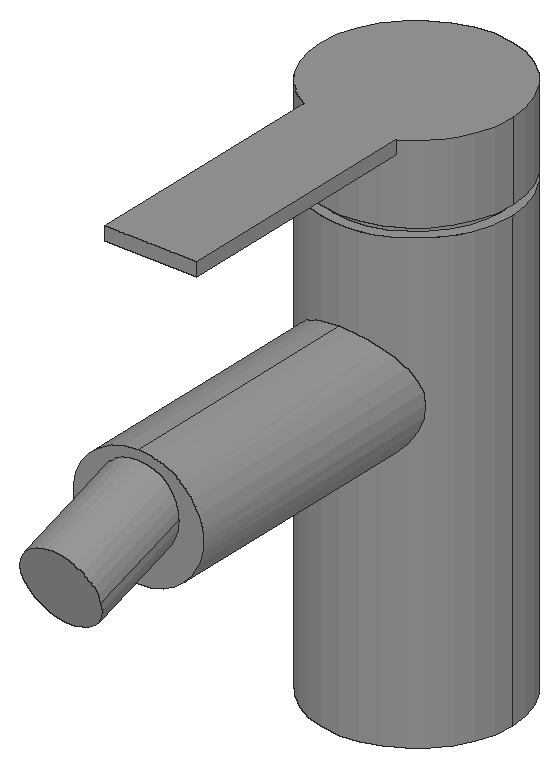
Revit family "KEUCO_53909010000", category Sanitärinstallationen, Revit 2016
Family settings
  Teiletyp = Normal
  Bemaßung runder Anschluss = Durchmesser verwenden
  OmniClass-Nummer = 23.45.00.00
  Arbeitsebenenbasiert = Ja
  Immer vertikal = Ja
  Beim Laden mit Abzugskörper schneiden = Nein
  Gemeinsam genutzt = Nein
  Raumberechnungspunkt = Nein
Parameters (values of type "53909010000")
  Verwendung = "GWC / WP"
  Preisgruppe = "1"
  Kategorie = "ARM"
  Gewicht = 858
  Breite = 111 mm
  Default Elevation = 1219.2 mm
  URL = "https://www.keuco.com/de/produkte/sortiment/artikel/?pid=53909&oid=1&pgo=2&country=de&lang=de&vid=53909010000"
  Wasserhahn Höhe [instance] = 136 mm
  Serie = ""
  Materialien bei Hersteller anfragen = "Anfrage zu:  objektmanagement@keuco.de"
  Material Wasserhahn = 23589001 Chrome
  Hersteller = "KEUCO"
  Beschreibung = "mit Zugstangen-Ablaufgarnitur 1 1/4 Zoll\r\nEinlochmontage mit Schnell-Montage-System\r\nMischwasserkartusche mit keramischen Dichtscheiben\r\nund Temperaturbegrenzung,\r\nLuftsprudler M 24x1, mit Kugelgelenk\r\nDruckschläuche 420 mm G 3/8 Zoll\r\nDurchflussmenge begrenzt auf 7,6 l/min.\r\ngeräuschgeprüft"
  Ausschreibungstext = "KEUCO PLAN blue Einhebel-Bidetmischer 53909010000\r\nhochglanzverchromter Einhebel Bidetmischer \r\nin ästhetischem, funktionalem Design, \r\nfür Standmontage, \r\ninklusive Zugstangen-Ablaufgarnitur,\r\nhochwertige Mischwasserkartusche mit \r\nkeramischen Dichtscheiben und Temperaturbegrenzung,\r\nDurchflussmenge begrenzt auf 6 l/min.,\r\nBetätigungselement aus Metall,\r\nEinlochmontage mit Schnell-Montage-System,\r\nLuftsprudler M24x1, mit Kugelgelenk bis 25° neigbar,\r\nHöhe 136 mm, Auslaufhöhe 19 mm, Ausladung 138 mm,\r\nGrundkörperdurchmesser 48 mm, Auslaufdurchmesser 28 mm\r\nWasseranschluss mit flexiblen Druckschläuchen, \r\nLänge 420 mm, Gewindedurchmesser G 3/8 Zoll,\r\nAnschlussrohrlänge 350 mm,\r\nZugstangen-Ablaufgarnitur \r\nmit G 1 1/4 Zoll Anschlussgewinde,\r\nLänge der Zugstange 400 mm,\r\nAbdeckstopfen Durchmesser 63 mm\r\nDVGW geprüft"
  Artikelnummer = "53909010000"
Reference planes
  plane 1 "Center (Front/Back)": y = 0
  plane 2: z = 0
  plane 3 "Center (Left/Right)": x = 0
  plane 4: z = 136
  plane 5: z = 76
  plane 6: y = -86.883
  plane 7: y = 24.117
  plane 8: y = -113.883
Forms (mm)
  Extrusion 1, solid, material "23589001 Chrome" <- "Material Wasserhahn"
    sketch origin (0, 0, 0) x (1, 0, 0) y (0, 1, 0)
      loop
        circle (0, 0) r 2.18
    from 0 to 0.624
  Extrusion 2, solid, material "23589001 Chrome" <- "Material Wasserhahn"
    sketch origin (0, 0, 0) x (1, 0, 0) y (0, 1, 0)
      loop
        circle (0, 0) r 23.977
    from 0 to 114.138
  Extrusion 3, solid, material "23589001 Chrome" <- "Material Wasserhahn"
    sketch origin (0, 0, 0) x (1, 0, 0) y (0, 0, 1)
      loop
        line (-11.279, 136) -> (-11.279, 132.635) -> (11.503, 132.635) -> (11.503, 136) -> (-11.279, 136)
    from 0 to 83.144
  Extrusion 4, solid, material "23589001 Chrome" <- "Material Wasserhahn"
    sketch origin (0, 0, 0) x (1, 0, 0) y (0, 1, 0)
      loop
        circle (0, 0) r 23.977
    from 116.516 to 136
  Extrusion 5, solid, material "23589001 Chrome" <- "Material Wasserhahn", detail levels fine
    sketch origin (0, 0, 0) x (1, 0, 0) y (0, 1, 0)
      loop
        circle (0, 0) r 21.233
    from 114.138 to 116.516
  Extrusion 6, solid, material "23589001 Chrome" <- "Material Wasserhahn"
    sketch origin (0, 0, 0) x (1, 0, 0) y (0, 0, 1)
      loop
        spline (0, 61.525) -> (4.231, 62.036) -> (8.173, 63.534) -> (11.559, 65.918) -> (14.157, 69.025) -> (15.79, 72.642) -> (16.347, 76.525) -> (15.79, 80.407) -> (14.157, 84.025) -> (11.559, 87.131) -> (8.173, 89.515) -> (4.231, 91.014) -> (0, 91.525)
        spline (0, 91.525) -> (-4.231, 91.014) -> (-8.173, 89.515) -> (-11.559, 87.131) -> (-14.157, 84.025) -> (-15.79, 80.407) -> (-16.347, 76.525) -> (-15.79, 72.642) -> (-14.157, 69.025) -> (-11.559, 65.918) -> (-8.173, 63.534) -> (-4.231, 62.036) -> (0, 61.525)
    from 0 to 86.883
  Extrusion 7, solid, material "23589001 Chrome" <- "Material Wasserhahn"
    sketch origin (0, -132.48, -17.886) x (1, 0, 0) y (0, 0.309017, -0.951057)
      loop
        circle (0, -78.113) r 10
    from 47.967 to 76.051
Cuts and joins
  joined: Extrusion 3, Extrusion 4
  joined: Extrusion 2, Extrusion 6, Extrusion 7
Lines and regions (mm)
  symbolic lines, detail levels coarse+medium
    curve 1: circle (0, 0, 0) r 14.688 normal (0, 0, 1)
    curve 2: line (-11.734, 8.835, 0) -> (-81.016, 49.345, 0)
    curve 3: line (-11.734, -8.835, 0) -> (-81.016, -53.345, 0)
    curve 4: line (-81.016, 49.345, 0) -> (-81.016, -53.345, 0)
    curve 5: line (11.734, 8.835, 0) -> (81.016, 49.345, 0)
    curve 6: line (11.734, -8.835, 0) -> (81.016, -53.345, 0)
    curve 7: line (81.016, 49.345, 0) -> (81.016, -53.345, 0)
  symbolic lines, detail levels fine
    curve 8: arc (23.977, 0, 0) -> (0, 23.977, 0) -> (-23.977, 0, 0) r 23.977
    curve 9: arc (-23.977, 0, 0) -> (0, -23.977, 0) -> (23.977, 0, 0) r 23.977
    curve 10: line (-16.219, -17.864, 0) -> (-16.219, -86.883, 0)
    curve 11: line (-16.219, -86.883, 0) -> (16.386, -86.883, 0)
    curve 12: line (16.386, -86.883, 0) -> (16.386, -17.864, 0)
Dimensions and locks
  locked: cut or joined group of Extrusion 3, Extrusion 4 to cut or joined group of Extrusion 3, Extrusion 4 at 3.365
  locked: cut or joined group of Extrusion 3, Extrusion 4 to cut or joined group of Extrusion 3, Extrusion 4 at 19.484
  locked: Extrusion 2 to cut or joined group of Extrusion 3, Extrusion 4 at 2.378
  "Wasserhahn Höhe": plane 4 to plane 2
  plane 4 to plane 5 = 60 mm  (x2)
  locked: plane 7 to plane 1 "Center (Front/Back)" at 24.117
  "Breite": plane 7 to plane 6
  plane 7 to plane 8 = 138 mm
  plane 7 to cut or joined group of Extrusion 3, Extrusion 4 = 107.261 mm
  aligned and locked: level to plane 2
  aligned and locked: Extrusion 5 to Extrusion 4
  aligned and locked: Extrusion 5 to Extrusion 2
  aligned and locked: curve 9 to Extrusion 4
  aligned and locked: Extrusion 3 sketch curve to Extrusion 4
  aligned and locked: plane 4 to cut or joined group of Extrusion 3, Extrusion 4
  aligned and locked: Extrusion 6 to plane 6
Automatic sketch dimensions
  plane 1 "Center (Front/Back)" to Extrusion 1 sketch curve = 0 mm
  Extrusion 1 sketch curve to plane 3 "Center (Left/Right)" = 0 mm
  plane 1 "Center (Front/Back)" to Extrusion 2 sketch curve = 0 mm
  Extrusion 2 sketch curve to plane 3 "Center (Left/Right)" = 0 mm
  Extrusion 3 sketch curve to plane 4 = 3.365 mm
  Extrusion 3 sketch curve to plane 3 "Center (Left/Right)" = 11.279 mm
  plane 3 "Center (Left/Right)" to Extrusion 3 sketch curve = 11.503 mm
  plane 1 "Center (Front/Back)" to Extrusion 4 sketch curve = 0 mm
  Extrusion 4 sketch curve to plane 3 "Center (Left/Right)" = 0 mm
  plane 1 "Center (Front/Back)" to Extrusion 5 sketch curve = 0 mm
  Extrusion 5 sketch curve to plane 3 "Center (Left/Right)" = 0 mm
  Extrusion 6 sketch curve to plane 3 "Center (Left/Right)" = 0 mm
  Extrusion 6 sketch curve to plane 5 = 14.475 mm
  plane 5 to Extrusion 6 sketch curve = 0.525 mm
  Extrusion 7 sketch curve to plane 3 "Center (Left/Right)" = 0 mm
  curve 1 to curve 8 = 0 mm  (x2)
  plane 6 to curve 11 = 0 mm
  curve 4 to plane 6 = 33.539 mm
  curve 4 to curve 8 = 57.039 mm
  curve 11 to plane 3 "Center (Left/Right)" = 16.219 mm
  plane 3 "Center (Left/Right)" to curve 12 = 16.386 mm
  curve 6 to plane 6 = 33.539 mm
  curve 11 to curve 6 = 64.63 mm
  plane 7 to curve 2 = 25.228 mm
  plane 7 to curve 7 = 25.228 mm
  curve 10 to curve 3 = 4.485 mm
  curve 2 to plane 3 "Center (Left/Right)" = 11.734 mm
  plane 3 "Center (Left/Right)" to curve 5 = 11.734 mm
  curve 6 to curve 12 = 4.652 mm
  plane 1 "Center (Front/Back)" to curve 12 = 17.864 mm
  plane 1 "Center (Front/Back)" to curve 10 = 17.864 mm
  plane 1 "Center (Front/Back)" to curve 3 = 8.835 mm
  radius of Extrusion 1 sketch curve = 2.18 mm
  radius of Extrusion 2 sketch curve = 23.977 mm
  radius of Extrusion 4 sketch curve = 23.977 mm
  radius of Extrusion 5 sketch curve = 21.233 mm
  radius of Extrusion 7 sketch curve = 10 mm
